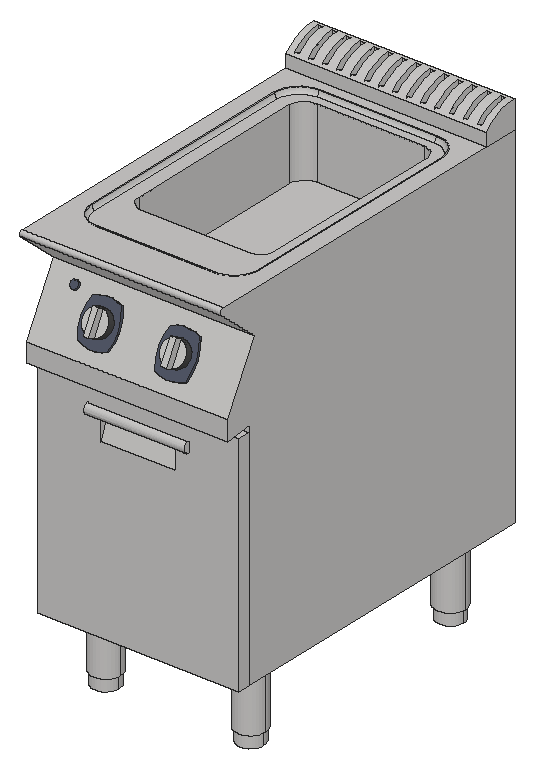
Revit family "QF_ELECTROLUXPROFESSIONAL_371441_E7OOBTBAMCI", category Attrezzature speciali, Revit 2018
Family settings
  Quota connettore circolare = Usa diametro
  Tipo di parte = Normale
  Basato su piano di lavoro = No
  Sempre verticale = Sì
  Taglio con vuoti quando caricato = No
  Condiviso = No
  Punto di calcolo locali = No
Parameters (values of type "Standard")
  Weight = 50.00 kg
  Watts = 0 W
  Volts = 0 V
  URL Manufacturer = "https://www.electroluxprofessional.com/"
  URL = "https://www.electroluxprofessional.com/"
  Steam Supply Size = 0"
  Steam Supply Minimum Pressure = 0.00 psi
  Steam Supply Maximum Pressure = 0.00 psi
  Steam Consumption per Hour = 0
  Show Logo [instance] = yes
  Show Clearance [instance] = yes
  Refrigeration Suction Line Size = 0 mm
  Refrigeration Liquid Line Size = 0 mm
  Refrigerant Compressor Remote = yes
  Phase = 0
  Modello = "E7OOBTBAMCI"
  Produttore = "Electrolux Professional"
  Length Actual = 400 mm  # constant formula
  Item Number = "371441"
  Hot Water Size = 0"
  Height Actual = 850 mm  # constant formula
  HP = "0 HP"
  Gas Size = 1/2"
  Gas KW = 11.5
  Gas Input Pressure = 0.336018 Btu/h
  Direct Waste Size = 1"
  Descrizione = "1-WELL GAS PASTA COOKER 24,5 LT 400MM - QMARK"
  Depth Actual = 730 mm  # constant formula
  Cycle = 0 Hz
  Condensate Return Size = 0"
  Compressed Air Volume = 0 GPM
  Compressed Air Size = 0"
  Compressed Air Pressure = 0.00 psi
  Cold Water Size = 1/2"
  Base Height [instance] = 150 mm  # constant formula
  Accessory = yes
Types (2, lengths in mm): name | URL | Modello | Produttore | Gas Size | Direct Waste Size | Descrizione | Cold Water Size
  (no name) | "www.electrolux.com/foodservice" | "371090" | "ELECTROLUX" | 0" | 0" | "700XP Freestanding Gas Pasta Cooker 24.5 Lt. Well, 1 Well" | 0"
  Standard | "https://www.electroluxprofessional.com/" | "E7OOBTBAMCI" | "Electrolux Professional" | 1/2" | 1" | "1-WELL GAS PASTA COOKER 24,5 LT 400MM - QMARK" | 1/2"
Values of the unnamed type that differ from the named types
  Weight = 0.00 kg
  URL Manufacturer = ""
  Item Number = ""
  HP = ""
  Gas KW = 0
  Gas Input Pressure = 0.0 Btu/h
Reference planes
  plane 1 "BACK": y = 0
  plane 2: z = 0
  plane 3 "LEFT": x = 0
  plane 4 "RIGHT": x = 400
  plane 5 "FRONT": y = -730
  plane 6 "TOP": z = 905.238
  plane 7 "Center Y": x = 200
  plane 8 "Center X": y = -365
  plane 9 "BASE": z = 601
  plane 10 "TOP A": z = 851
  plane 11: y = -587.387
  plane 12: y = -90
  plane 13: z = 150
Forms (mm)
  Extrusion 1, solid, material "QF_Finishes_Stainless Steel"
    sketch origin (0, 0, 0) x (0, 1, 0) y (0, 0, 1)
      loop
        line (0, 851) -> (-725.027, 851)
        arc (-725.027, 851) -> (-730.893, 847.08) -> (-729.517, 840.16) r 6.35
        line (-729.517, 840.16) -> (-646.919, 767.809) -> (-713.522, 646.19) -> (-713.522, 608.09) -> (-660.15, 613.7) -> (-660.15, 150) -> (0, 150) -> (0, 851)
      loop
        line (-687.137, 601) -> (-687.137, 150) -> (-661.737, 150) -> (-661.737, 601) -> (-687.137, 601)
    from 0 to 400
  Extrusion 2, void
    sketch origin (0, 0, 851) x (-1, 0, 0) y (0, -1, 0)
      loop
        arc (-83.338, 90.124) -> (-47.982, 104.769) -> (-33.338, 140.124) r 50
        line (-33.338, 140.124) -> (-33.338, 595.265)
        arc (-33.338, 595.265) -> (-47.982, 630.62) -> (-83.338, 645.265) r 50
        line (-83.338, 645.265) -> (-316.662, 645.265)
        arc (-316.662, 645.265) -> (-352.018, 630.62) -> (-366.662, 595.265) r 50
        line (-366.662, 595.265) -> (-366.662, 140.124)
        arc (-366.662, 140.124) -> (-352.018, 104.769) -> (-316.662, 90.124) r 50
        line (-316.662, 90.124) -> (-83.338, 90.124)
    from 0 to -152.4
  Extrusion 3, solid, material "QF_Finishes_Clearance", visible <- "Show Clearance", detail levels coarse
    sketch origin (0, 0, 0) x (1, 0, 0) y (0, 1, 0)
      loop
        line (0, -731.377) -> (0, 0) -> (400, 0) -> (400, -731.377) -> (550.019, -731.377) -> (550.019, 150.019) -> (-150.019, 150.019) -> (-150.019, -731.377) -> (0, -731.377)
    from 0 to 905.237
  Revolve 4, solid, material "QF_Finishes_Stainless Steel"
    sketch origin (0, -587.387, 608.09) x (0, 0, 1) y (-1, 0, 0)
      loop
        line (-608.09, -56) -> (-458.09, -56) -> (-458.09, -26) -> (-583.09, -26) -> (-583.09, -29.75) -> (-608.09, -29.75) -> (-608.09, -56)
      axis (-608.09, -56) -> (-458.09, -56)
    angle from 0 to 360
  Revolve 5, solid, material "QF_Finishes_Stainless Steel"
    sketch origin (400.05, -587.387, 608.09) x (0, 0, 1) y (-1, 0, 0)
      loop
        line (-608.09, 56.05) -> (-608.09, 29.8) -> (-583.09, 29.8) -> (-583.09, 26.05) -> (-458.09, 26.05) -> (-458.09, 56.05) -> (-608.09, 56.05)
      axis (-608.09, 56.05) -> (-458.09, 56.05)
    angle from 0 to 360
  Revolve 6, solid, material "QF_Finishes_Stainless Steel"
    sketch origin (0, -90, 608.09) x (0, 0, 1) y (-1, 0, 0)
      loop
        line (-608.09, -56) -> (-458.09, -56) -> (-458.09, -26) -> (-583.09, -26) -> (-583.09, -29.75) -> (-608.09, -29.75) -> (-608.09, -56)
      axis (-608.09, -56) -> (-458.09, -56)
    angle from 0 to 360
  Revolve 7, solid, material "QF_Finishes_Stainless Steel"
    sketch origin (400.05, -90, 608.09) x (0, 0, 1) y (-1, 0, 0)
      loop
        line (-608.09, 56.05) -> (-608.09, 29.8) -> (-583.09, 29.8) -> (-583.09, 26.05) -> (-458.09, 26.05) -> (-458.09, 56.05) -> (-608.09, 56.05)
      axis (-608.09, 56.05) -> (-458.09, 56.05)
    angle from 0 to 360
  Extrusion 8, void
    sketch origin (200, 0, 0) x (0, 1, 0) y (0, 0, 1)
      loop
        line (-687.137, 541) -> (-687.137, 499.788) -> (-672.137, 541) -> (-687.137, 541)
    from -75 to 75
  Extrusion 9, solid, material "QF_Finishes_Stainless Steel"
    sketch origin (200, 0, 0) x (0, 1, 0) y (0, 0, 1)
      loop
        line (-687.137, 541) -> (-687.137, 561)
        arc (-687.137, 561) -> (-697.137, 551) -> (-687.137, 541) r 10
    from -100 to 100
  Extrusion 10, solid, material "QF_Finishes_Door Clearance", visible <- "Show Clearance", detail levels coarse
    sketch origin (0, 0, 851) x (-1, 0, 0) y (0, -1, 0)
      loop
        arc (0, 687.137) -> (-117.157, 969.98) -> (-400, 1087.137) r 400
        line (-400, 1087.137) -> (-400, 687.137) -> (0, 687.137)
    from -700.237 to -249.237
  Extrusion 11, solid, material "QF_Finishes_Stainless Steel"
    sketch origin (-77.88, -4572, 150) x (-1, 0, 0) y (0, -1, 0)
      loop
        circle (-142.88, -4069) r 6.35
      loop
        circle (-309.855, -3991) r 12.7
    from 0 to -12.7
  Extrusion 12, solid, material "QF_Finishes_Stainless Steel"
    sketch origin (-77.88, -4572, 851) x (-1, 0, 0) y (0, -1, 0)
      loop
        line (-111.217, -4431.876) -> (-111.217, -3976.735)
        arc (-111.217, -3976.735) -> (-125.862, -3941.38) -> (-161.217, -3926.735) r 50
        line (-161.217, -3926.735) -> (-394.542, -3926.735)
        arc (-394.542, -3926.735) -> (-429.897, -3941.38) -> (-444.542, -3976.735) r 50
        line (-444.542, -3976.735) -> (-444.542, -4431.876)
        arc (-444.542, -4431.876) -> (-429.897, -4467.231) -> (-394.542, -4481.876) r 50
        line (-394.542, -4481.876) -> (-161.217, -4481.876)
        arc (-161.217, -4481.876) -> (-125.862, -4467.231) -> (-111.217, -4431.876) r 50
      loop
        arc (-414.542, -4431.876) -> (-405.755, -4453.089) -> (-384.542, -4461.876) r 30
        line (-384.542, -4461.876) -> (-171.217, -4461.876)
        arc (-171.217, -4461.876) -> (-150.004, -4453.089) -> (-141.217, -4431.876) r 30
        line (-141.217, -4431.876) -> (-141.217, -4056.735)
        arc (-141.217, -4056.735) -> (-150.004, -4035.522) -> (-171.217, -4026.735) r 30
        line (-171.217, -4026.735) -> (-384.542, -4026.735)
        arc (-384.542, -4026.735) -> (-405.755, -4035.522) -> (-414.542, -4056.735) r 30
        line (-414.542, -4056.735) -> (-414.542, -4431.876)
    from -12.7 to -152.4
  Sweep 13, solid, material "QF_Finishes_Stainless Steel"
    path origin (0, 0, 851) x (-1, 0, 0) y (0, -1, 0)
      loop
        line (-33.338, 140.124) -> (-33.338, 595.265)
        arc (-33.338, 595.265) -> (-47.982, 630.62) -> (-83.338, 645.265) r 50
        line (-83.338, 645.265) -> (-316.662, 645.265)
        arc (-316.662, 645.265) -> (-352.018, 630.62) -> (-366.662, 595.265) r 50
        line (-366.662, 595.265) -> (-366.662, 140.124)
        arc (-366.662, 140.124) -> (-352.018, 104.769) -> (-316.662, 90.124) r 50
        line (-316.662, 90.124) -> (-83.338, 90.124)
        arc (-83.338, 90.124) -> (-47.982, 104.769) -> (-33.338, 140.124) r 50
    profile origin (33.338, -367.694, 851) x (1, 0, 0) y (0, 0, 1)
      loop
        line (0, 0) -> (0, -10.84) -> (5.055, -10.84)
        arc (5.055, -10.84) -> (1.326, -5.98) -> (0, 0) r 14.151
  Extrusion 14, solid, material "QF_Finishes_Stainless Steel"
    sketch origin (0, 0, 0.762) x (0, 1, 0) y (0, 0, 1)
      loop
        line (0, 850.238) -> (0, 905.237)
        arc (0, 905.237) -> (-38.078, 897.879) -> (-69.85, 875.637) r 93.057
        line (-69.85, 875.637) -> (-69.85, 850.238) -> (0, 850.238)
    from 0 to 400.05
  Extrusion 15, void
    sketch origin (0, 0, 851) x (-1, 0, 0) y (0, -1, 0)
      loop
        line (-13.453, 6.761) -> (-13.453, 63.911) -> (-22.749, 63.911) -> (-22.749, 6.761) -> (-13.453, 6.761)
    from 25.4 to 63.5
  Extrusion 16, void
    sketch origin (400.05, 0, 851) x (1, 0, 0) y (0, 1, 0)
      loop
        line (-13.503, -6.761) -> (-22.799, -6.761) -> (-22.799, -63.911) -> (-13.503, -63.911) -> (-13.503, -6.761)
    from 25.4 to 63.5
  Extrusion 17, void
    sketch origin (27.988, 0, 851) x (-1, 0, 0) y (0, -1, 0)
      loop
        line (-13.453, 6.761) -> (-13.453, 63.911) -> (-22.749, 63.911) -> (-22.749, 6.761) -> (-13.453, 6.761)
    from 25.4 to 63.5
  Extrusion 18, void
    sketch origin (55.977, 0, 851) x (-1, 0, 0) y (0, -1, 0)
      loop
        line (-13.453, 6.761) -> (-13.453, 63.911) -> (-22.749, 63.911) -> (-22.749, 6.761) -> (-13.453, 6.761)
    from 25.4 to 63.5
  Extrusion 19, void
    sketch origin (83.965, 0, 851) x (-1, 0, 0) y (0, -1, 0)
      loop
        line (-13.428, 6.761) -> (-13.428, 63.911) -> (-22.724, 63.911) -> (-22.724, 6.761) -> (-13.428, 6.761)
    from 25.4 to 63.5
  Extrusion 20, void
    sketch origin (111.953, 0, 851) x (-1, 0, 0) y (0, -1, 0)
      loop
        line (-13.428, 6.761) -> (-13.428, 63.911) -> (-22.724, 63.911) -> (-22.724, 6.761) -> (-13.428, 6.761)
    from 25.4 to 63.5
  Extrusion 21, void
    sketch origin (139.942, 0, 851) x (-1, 0, 0) y (0, -1, 0)
      loop
        line (-13.428, 6.761) -> (-13.428, 63.911) -> (-22.724, 63.911) -> (-22.724, 6.761) -> (-13.428, 6.761)
    from 25.4 to 63.5
  Extrusion 22, void
    sketch origin (167.93, 0, 851) x (-1, 0, 0) y (0, -1, 0)
      loop
        line (-13.428, 6.761) -> (-13.428, 63.911) -> (-22.724, 63.911) -> (-22.724, 6.761) -> (-13.428, 6.761)
    from 25.4 to 63.5
  Extrusion 23, void
    sketch origin (195.918, 0, 851) x (-1, 0, 0) y (0, -1, 0)
      loop
        line (-13.428, 6.761) -> (-13.428, 63.911) -> (-22.724, 63.911) -> (-22.724, 6.761) -> (-13.428, 6.761)
    from 25.4 to 63.5
  Extrusion 24, void
    sketch origin (223.907, 0, 851) x (-1, 0, 0) y (0, -1, 0)
      loop
        line (-13.428, 6.761) -> (-13.428, 63.911) -> (-22.724, 63.911) -> (-22.724, 6.761) -> (-13.428, 6.761)
    from 25.4 to 63.5
  Extrusion 25, void
    sketch origin (251.895, 0, 851) x (-1, 0, 0) y (0, -1, 0)
      loop
        line (-13.428, 6.761) -> (-13.428, 63.911) -> (-22.724, 63.911) -> (-22.724, 6.761) -> (-13.428, 6.761)
    from 25.4 to 63.5
  Extrusion 26, void
    sketch origin (279.884, 0, 851) x (-1, 0, 0) y (0, -1, 0)
      loop
        line (-13.403, 6.761) -> (-13.403, 63.911) -> (-22.699, 63.911) -> (-22.699, 6.761) -> (-13.403, 6.761)
    from 25.4 to 63.5
  Extrusion 27, void
    sketch origin (307.872, 0, 851) x (-1, 0, 0) y (0, -1, 0)
      loop
        line (-13.403, 6.761) -> (-13.403, 63.911) -> (-22.699, 63.911) -> (-22.699, 6.761) -> (-13.403, 6.761)
    from 25.4 to 63.5
  Extrusion 28, void
    sketch origin (335.86, 0, 851) x (-1, 0, 0) y (0, -1, 0)
      loop
        line (-13.403, 6.761) -> (-13.403, 63.911) -> (-22.699, 63.911) -> (-22.699, 6.761) -> (-13.403, 6.761)
    from 25.4 to 63.5
  Extrusion 29, solid, material "QF_Finishes_Navy Blue"
    sketch origin (114.675, -713.772, 646.19) x (0, 0.484042, 0.875045) y (-1, 0, 0)
      loop
        arc (105.947, -132.642) -> (68.865, -123.661) -> (31.333, -130.523) r 91.844
        arc (31.333, -130.523) -> (24.206, -161.165) -> (31.333, -191.808) r 69.441
        arc (31.333, -191.808) -> (68.854, -198.519) -> (105.947, -189.74) r 93.759
        arc (105.947, -189.74) -> (112.176, -161.191) -> (105.947, -132.642) r 68.543
    from 0 to 3.175
  Extrusion 30, solid, material "QF_Finishes_Stainless Steel"
    sketch origin (114.675, -716.55, 647.727) x (0, 0.484042, 0.875045) y (-1, 0, 0)
      loop
        circle (68.826, -160.963) r 25.4
    from 0 to 12.7
  Extrusion 31, solid, material "QF_Finishes_Stainless Steel"
    sketch origin (114.675, -727.663, 653.875) x (0, 0.484042, 0.875045) y (-1, 0, 0)
      loop
        arc (93.558, -166.749) -> (94.226, -160.963) -> (93.558, -155.177) r 25.4
        line (93.558, -155.177) -> (44.094, -155.177)
        arc (44.094, -155.177) -> (43.426, -160.963) -> (44.094, -166.749) r 25.4
        line (44.094, -166.749) -> (93.558, -166.749)
    from 0 to 12.7
  Extrusion 32, solid, material "QF_Finishes_Navy Blue"
    sketch origin (-40.325, -713.772, 646.19) x (0, 0.484042, 0.875045) y (-1, 0, 0)
      loop
        arc (105.947, -132.642) -> (68.865, -123.661) -> (31.333, -130.523) r 91.844
        arc (31.333, -130.523) -> (24.206, -161.165) -> (31.333, -191.808) r 69.441
        arc (31.333, -191.808) -> (68.854, -198.519) -> (105.947, -189.74) r 93.759
        arc (105.947, -189.74) -> (112.176, -161.191) -> (105.947, -132.642) r 68.543
      loop
        circle (110.564, -93.816) r 8
    from 0 to 3.175
  Extrusion 33, solid, material "QF_Finishes_Stainless Steel"
    sketch origin (-40.325, -716.55, 647.727) x (0, 0.484042, 0.875045) y (-1, 0, 0)
      loop
        circle (68.826, -160.963) r 25.4
    from 0 to 12.7
  Extrusion 34, solid, material "QF_Finishes_Stainless Steel"
    sketch origin (-40.325, -727.663, 653.875) x (0, 0.484042, 0.875045) y (-1, 0, 0)
      loop
        arc (93.558, -166.749) -> (94.226, -160.963) -> (93.558, -155.177) r 25.4
        line (93.558, -155.177) -> (44.094, -155.177)
        arc (44.094, -155.177) -> (43.426, -160.963) -> (44.094, -166.749) r 25.4
        line (44.094, -166.749) -> (93.558, -166.749)
    from 0 to 12.7
  Extrusion 35, solid, material "QF_Finishes_Stainless Steel"
    sketch origin (-77.88, -4572, 150) x (-1, 0, 0) y (0, -1, 0)
      loop
        circle (-412.88, -4071) r 6.35
    from 50 to 48.4
Cuts and joins
  Extrusion 2, Extrusion 8 cuts Extrusion 1
  Extrusion 8, Extrusion 15, Extrusion 16, Extrusion 17, Extrusion 18, Extrusion 19, Extrusion 20, Extrusion 21, Extrusion 22, Extrusion 23, Extrusion 24, Extrusion 25, Extrusion 26, Extrusion 27, Extrusion 28 cuts Extrusion 3
  Extrusion 15, Extrusion 16, Extrusion 17, Extrusion 18, Extrusion 19, Extrusion 20, Extrusion 21, Extrusion 22, Extrusion 23, Extrusion 24, Extrusion 25, Extrusion 26, Extrusion 27, Extrusion 28 cuts Extrusion 14
Lines and regions (mm)
  symbolic lines, style "QF-Clearances", visible <- "Show Clearance", detail levels coarse
    curve 1: line (-150.019, 150.019, 851) -> (-150.019, -731.377, 851)
    curve 2: line (550.019, 150.019, 851) -> (-150.019, 150.019, 851)
    curve 3: line (550.019, -731.377, 851) -> (550.019, 150.019, 851)
  symbolic lines
    curve 4: line (0, 0, 851) -> (400, 0, 851)
    curve 5: line (0, -730, 851) -> (0, 0, 851)
    curve 6: line (400, 0, 851) -> (400, -730, 851)
    curve 7: line (0, -69.85, 851) -> (0, -63.012, 851)
    curve 8: line (400, -730, 851) -> (0, -730, 851)
    curve 11: line (93.313, -110.124, 851) -> (306.663, -110.124, 851)
    curve 12: arc (306.663, -110.124, 851) -> (327.876, -118.911, 851) -> (336.663, -140.124, 851) r 30
    curve 13: line (336.663, -140.124, 851) -> (336.663, -515.265, 851)
    curve 14: arc (336.663, -515.265, 851) -> (327.876, -536.478, 851) -> (306.663, -545.265, 851) r 30
    curve 15: arc (93.338, -545.265, 851) -> (72.124, -536.478, 851) -> (63.338, -515.265, 851) r 30
    curve 16: line (63.338, -515.265, 851) -> (63.338, -140.099, 851)
    curve 17: arc (63.338, -140.099, 851) -> (72.117, -118.904, 851) -> (93.313, -110.124, 851) r 29.975
    curve 18: arc (83.313, -95.179, 851) -> (51.549, -108.336, 851) -> (38.392, -140.099, 851) r 44.92
    curve 19: line (38.392, -140.099, 851) -> (38.392, -595.265, 851)
    curve 20: arc (38.392, -595.265, 851) -> (51.556, -627.046, 851) -> (83.338, -640.21, 851) r 44.945
    curve 21: arc (316.663, -640.21, 851) -> (348.444, -627.046, 851) -> (361.608, -595.265, 851) r 44.945
    curve 22: line (361.608, -595.265, 851) -> (361.608, -140.124, 851)
    curve 23: arc (361.608, -140.124, 851) -> (348.444, -108.343, 851) -> (316.663, -95.179, 851) r 44.945
    curve 24: arc (83.313, -90.124, 851) -> (47.975, -104.761, 851) -> (33.338, -140.099, 851) r 49.975
    curve 25: line (33.338, -140.099, 851) -> (33.338, -595.265, 851)
    curve 26: arc (33.338, -595.265, 851) -> (47.982, -630.62, 851) -> (83.338, -645.265, 851) r 50
    curve 27: arc (316.663, -645.265, 851) -> (352.018, -630.62, 851) -> (366.663, -595.265, 851) r 50
    curve 28: line (366.663, -595.265, 851) -> (366.663, -140.124, 851)
    curve 29: arc (366.663, -140.124, 851) -> (352.018, -104.769, 851) -> (316.663, -90.124, 851) r 50
    curve 30: line (316.663, -90.124, 851) -> (79.418, -90.124, 851)
    curve 31: line (83.338, -645.265, 851) -> (316.663, -645.265, 851)
    curve 32: line (83.338, -640.21, 851) -> (316.663, -640.21, 851)
    curve 33: line (306.663, -545.265, 851) -> (93.338, -545.265, 851)
    curve 34: line (316.663, -95.179, 851) -> (83.313, -95.179, 851)
    curve 35: line (0, -69.85, 851) -> (400, -69.85, 851)
    curve 36: line (22.724, -6.761, 851) -> (22.724, -63.911, 851)
    curve 37: line (22.724, -63.911, 851) -> (13.428, -63.911, 851)
    curve 38: line (13.428, -63.911, 851) -> (13.428, -6.761, 851)
    curve 39: line (13.428, -6.761, 851) -> (22.724, -6.761, 851)
    curve 40: line (386.547, -6.761, 851) -> (386.547, -63.911, 851)
    curve 41: line (386.547, -63.911, 851) -> (377.251, -63.911, 851)
    curve 42: line (377.251, -63.911, 851) -> (377.251, -6.761, 851)
    curve 43: line (377.251, -6.761, 851) -> (386.547, -6.761, 851)
    curve 44: line (50.712, -6.761, 851) -> (50.712, -63.911, 851)
    curve 45: line (50.712, -63.911, 851) -> (41.416, -63.911, 851)
    curve 46: line (41.416, -63.911, 851) -> (41.416, -6.761, 851)
    curve 47: line (41.416, -6.761, 851) -> (50.712, -6.761, 851)
    curve 48: line (78.7, -6.761, 851) -> (78.7, -63.911, 851)
    curve 49: line (78.7, -63.911, 851) -> (69.405, -63.911, 851)
    curve 50: line (69.405, -63.911, 851) -> (69.405, -6.761, 851)
    curve 51: line (69.405, -6.761, 851) -> (78.7, -6.761, 851)
    curve 52: line (106.689, -6.761, 851) -> (106.689, -63.911, 851)
    curve 53: line (106.689, -63.911, 851) -> (97.393, -63.911, 851)
    curve 54: line (97.393, -63.911, 851) -> (97.393, -6.761, 851)
    curve 55: line (97.393, -6.761, 851) -> (106.689, -6.761, 851)
    curve 56: line (134.677, -6.761, 851) -> (134.677, -63.911, 851)
    curve 57: line (134.677, -63.911, 851) -> (125.381, -63.911, 851)
    curve 58: line (125.381, -63.911, 851) -> (125.381, -6.761, 851)
    curve 59: line (125.381, -6.761, 851) -> (134.677, -6.761, 851)
    curve 60: line (162.665, -6.761, 851) -> (162.665, -63.911, 851)
    curve 61: line (162.665, -63.911, 851) -> (153.37, -63.911, 851)
    curve 62: line (153.37, -63.911, 851) -> (153.37, -6.761, 851)
    curve 63: line (153.37, -6.761, 851) -> (162.665, -6.761, 851)
    curve 64: line (190.654, -6.761, 851) -> (190.654, -63.911, 851)
    curve 65: line (190.654, -63.911, 851) -> (181.358, -63.911, 851)
    curve 66: line (181.358, -63.911, 851) -> (181.358, -6.761, 851)
    curve 67: line (181.358, -6.761, 851) -> (190.654, -6.761, 851)
    curve 68: line (218.642, -6.761, 851) -> (218.642, -63.911, 851)
    curve 69: line (218.642, -63.911, 851) -> (209.346, -63.911, 851)
    curve 70: line (209.346, -63.911, 851) -> (209.346, -6.761, 851)
    curve 71: line (209.346, -6.761, 851) -> (218.642, -6.761, 851)
    curve 72: line (246.605, -6.761, 851) -> (246.605, -63.911, 851)
    curve 73: line (246.605, -63.911, 851) -> (237.31, -63.911, 851)
    curve 74: line (237.31, -63.911, 851) -> (237.31, -6.761, 851)
    curve 75: line (237.31, -6.761, 851) -> (246.605, -6.761, 851)
    curve 76: line (274.594, -6.761, 851) -> (274.594, -63.911, 851)
    curve 77: line (274.594, -63.911, 851) -> (265.298, -63.911, 851)
    curve 78: line (265.298, -63.911, 851) -> (265.298, -6.761, 851)
    curve 79: line (265.298, -6.761, 851) -> (274.594, -6.761, 851)
    curve 80: line (302.582, -6.761, 851) -> (302.582, -63.911, 851)
    curve 81: line (302.582, -63.911, 851) -> (293.286, -63.911, 851)
    curve 82: line (293.286, -63.911, 851) -> (293.286, -6.761, 851)
    curve 83: line (293.286, -6.761, 851) -> (302.582, -6.761, 851)
    curve 84: line (330.57, -6.761, 851) -> (330.57, -63.911, 851)
    curve 85: line (330.57, -63.911, 851) -> (321.275, -63.911, 851)
    curve 86: line (321.275, -63.911, 851) -> (321.275, -6.761, 851)
    curve 87: line (321.275, -6.761, 851) -> (330.57, -6.761, 851)
    curve 88: line (358.559, -6.761, 851) -> (358.559, -63.911, 851)
    curve 89: line (358.559, -63.911, 851) -> (349.263, -63.911, 851)
    curve 90: line (349.263, -63.911, 851) -> (349.263, -6.761, 851)
    curve 91: line (349.263, -6.761, 851) -> (358.559, -6.761, 851)
  symbolic lines, style "QF-Door Swings"
    curve 9: arc (2.303, -730, 851) -> (19.743, -811.254, 851) -> (53.597, -887.15, 851) r 400
    curve 10: line (53.597, -887.15, 851) -> (325.76, -730, 851)
Dimensions and locks
  equal spacing: plane 3 "LEFT", plane 7 "Center Y", plane 4 "RIGHT"
  plane 3 "LEFT" to plane 4 "RIGHT" = 400 mm
  equal spacing: plane 5 "FRONT", plane 8 "Center X", plane 1 "BACK"
  plane 5 "FRONT" to plane 1 "BACK" = 730 mm
  plane 1 "BACK" to plane 5 "FRONT" = 730 mm
  locked: plane 10 "TOP A" to plane 9 "BASE" at 250
  "Base Height": plane 13 to level
  plane 10 "TOP A" to plane 13 = 701 mm
  Extrusion 11 sketch curve to plane 1 "BACK" = 503 mm
  plane 3 "LEFT" to Extrusion 11 sketch curve = 65 mm
  Extrusion 11 sketch curve to plane 1 "BACK" = 581 mm
  Extrusion 35 sketch curve to plane 1 "BACK" = 501 mm
  aligned and locked: level to plane 2
  aligned and locked: plane 4 "RIGHT" to Extrusion 1
  aligned and locked: plane 6 "TOP" to Extrusion 3
Automatic sketch dimensions
  Extrusion 1 sketch curve to plane 10 "TOP A" = 0 mm
  Extrusion 1 sketch curve to plane 13 = 0 mm  (x2)
  Extrusion 1 sketch curve to plane 9 "BASE" = 0 mm
  Extrusion 1 sketch curve to plane 1 "BACK" = 0 mm
  plane 11 to Extrusion 1 sketch curve = 59.531 mm
  plane 9 "BASE" to Extrusion 1 sketch curve = 12.7 mm
  Extrusion 1 sketch curve to plane 5 "FRONT" = 69.85 mm
  Extrusion 1 sketch curve to Extrusion 1 sketch curve = 1.588 mm
  Extrusion 1 sketch curve to Extrusion 1 sketch curve = 25.4 mm
  Extrusion 1 sketch curve to plane 5 "FRONT" = 16.478 mm
  Extrusion 1 sketch curve to plane 5 "FRONT" = 4.973 mm
  Extrusion 1 sketch curve to plane 5 "FRONT" = 0.483 mm
  plane 9 "BASE" to Extrusion 1 sketch curve = 7.09 mm
  Extrusion 1 sketch curve to Extrusion 1 sketch curve = 38.1 mm
  Extrusion 1 sketch curve to plane 10 "TOP A" = 83.191 mm
  Extrusion 1 sketch curve to plane 10 "TOP A" = 10.84 mm
  plane 11 to Extrusion 2 sketch curve = 7.877 mm
  Extrusion 2 sketch curve to plane 4 "RIGHT" = 33.337 mm
  plane 11 to Extrusion 2 sketch curve = 57.877 mm
  plane 12 to Extrusion 2 sketch curve = 0.124 mm
  Extrusion 2 sketch curve to Extrusion 2 sketch curve = 50 mm
  plane 3 "LEFT" to Extrusion 2 sketch curve = 83.338 mm  (x2)
  plane 3 "LEFT" to Extrusion 2 sketch curve = 33.338 mm
  plane 1 "BACK" to Extrusion 3 sketch curve = 0 mm
  Extrusion 3 sketch curve to plane 3 "LEFT" = 0 mm
  Extrusion 3 sketch curve to plane 4 "RIGHT" = 0 mm
  Extrusion 3 sketch curve to plane 3 "LEFT" = 150.019 mm
  plane 5 "FRONT" to Extrusion 3 sketch curve = 1.377 mm  (x2)
  plane 4 "RIGHT" to Extrusion 3 sketch curve = 150.019 mm
  Extrusion 3 sketch curve to plane 1 "BACK" = 150.019 mm
  curve 18 to curve 24 = 0 mm  (x2)
  curve 20 to curve 26 = 0 mm  (x2)
  curve 21 to curve 27 = 0 mm  (x2)
  curve 23 to curve 29 = 0 mm  (x2)
  curve 6 to plane 4 "RIGHT" = 0 mm
  curve 9 to plane 4 "RIGHT" = 0 mm
  plane 5 "FRONT" to curve 10 = 0 mm
  curve 35 to plane 3 "LEFT" = 0 mm
  curve 7 to plane 3 "LEFT" = 0 mm
  plane 1 "BACK" to curve 5 = 0 mm
  plane 4 "RIGHT" to curve 3 = 150.019 mm
  curve 40 to plane 4 "RIGHT" = 13.453 mm
  curve 40 to curve 43 = 9.296 mm
  plane 11 to curve 27 = 7.877 mm
  curve 27 to plane 4 "RIGHT" = 33.337 mm
  curve 29 to curve 23 = 5.055 mm
  curve 41 to curve 88 = 18.693 mm
  curve 88 to curve 90 = 9.296 mm
  curve 22 to curve 12 = 24.945 mm
  curve 89 to curve 85 = 18.693 mm
  curve 10 to plane 4 "RIGHT" = 74.24 mm
  curve 84 to curve 87 = 9.296 mm
  plane 11 to curve 27 = 57.877 mm
  curve 12 to curve 29 = 20 mm
  curve 23 to curve 12 = 10 mm
  curve 14 to curve 14 = 30 mm
  curve 85 to curve 81 = 18.693 mm
  curve 80 to curve 82 = 9.296 mm
  curve 81 to curve 77 = 18.693 mm
  curve 76 to curve 77 = 9.296 mm
  plane 1 "BACK" to curve 72 = 6.761 mm
  curve 78 to curve 72 = 18.693 mm
  curve 72 to curve 74 = 9.296 mm
  plane 1 "BACK" to curve 71 = 6.761 mm
  plane 7 "Center Y" to curve 71 = 18.642 mm
  curve 68 to curve 70 = 9.296 mm
  curve 65 to plane 7 "Center Y" = 9.346 mm
  curve 64 to curve 67 = 9.296 mm
  curve 65 to curve 60 = 18.693 mm
  curve 60 to curve 62 = 9.296 mm
  plane 1 "BACK" to curve 59 = 6.761 mm
  curve 62 to curve 59 = 18.693 mm
  curve 56 to curve 59 = 9.296 mm
  plane 1 "BACK" to curve 52 = 6.761 mm
  curve 58 to curve 52 = 18.693 mm
  curve 52 to curve 54 = 9.296 mm
  curve 33 to plane 11 = 42.123 mm
  plane 3 "LEFT" to curve 33 = 93.338 mm
  plane 12 to curve 11 = 20.124 mm
  curve 53 to curve 11 = 4.08 mm
  curve 17 to curve 24 = 10 mm
  plane 3 "LEFT" to curve 32 = 83.338 mm
  plane 12 to curve 30 = 0.124 mm
  curve 24 to curve 30 = 3.895 mm
  plane 1 "BACK" to curve 51 = 6.761 mm
  curve 54 to curve 51 = 18.693 mm
  curve 48 to curve 49 = 9.296 mm
  curve 15 to curve 15 = 30 mm
  plane 3 "LEFT" to curve 9 = 53.597 mm
  plane 1 "BACK" to curve 44 = 6.761 mm
  curve 50 to curve 44 = 18.693 mm
  curve 44 to curve 46 = 9.296 mm
  curve 17 to curve 19 = 24.945 mm
  plane 1 "BACK" to curve 36 = 6.761 mm
  curve 46 to curve 36 = 18.693 mm
  curve 36 to curve 38 = 9.296 mm
  curve 9 to curve 5 = 2.303 mm
  plane 5 "FRONT" to curve 1 = 1.377 mm
  curve 1 to plane 3 "LEFT" = 150.019 mm
  curve 2 to plane 1 "BACK" = 150.019 mm
  plane 1 "BACK" to curve 88 = 6.761 mm
  plane 1 "BACK" to curve 87 = 6.761 mm
  plane 1 "BACK" to curve 83 = 6.761 mm
  plane 1 "BACK" to curve 79 = 6.761 mm
  plane 1 "BACK" to curve 67 = 6.761 mm
  plane 1 "BACK" to curve 63 = 6.761 mm
  plane 1 "BACK" to curve 43 = 6.761 mm
  curve 7 to plane 12 = 26.988 mm
  curve 89 to plane 12 = 26.089 mm
  curve 61 to plane 12 = 26.089 mm
  curve 58 to plane 12 = 26.089 mm
  curve 86 to plane 12 = 26.089 mm
  curve 82 to plane 12 = 26.089 mm
  curve 64 to plane 12 = 26.089 mm
  curve 7 to curve 36 = 0.898 mm
  curve 78 to plane 12 = 26.089 mm
  curve 40 to plane 12 = 26.089 mm
  curve 74 to plane 12 = 26.089 mm
  curve 44 to plane 12 = 26.089 mm
  curve 64 to curve 70 = 0 mm
  curve 48 to plane 12 = 26.089 mm
  curve 52 to curve 57 = 0 mm
  curve 40 to curve 35 = 5.939 mm
  curve 7 to curve 35 = 0 mm
  curve 9 to plane 5 "FRONT" = 42.863 mm
  plane 5 "FRONT" to curve 3 = 1.377 mm
  Revolve 4 sketch curve to level = 0 mm
  Revolve 4 sketch curve to plane 13 = 0 mm  (x2)
  level to Revolve 4 sketch curve = 25 mm
  Revolve 4 sketch curve to Revolve 4 sketch curve = 20 mm
  plane 3 "LEFT" to Revolve 4 sketch curve = 56 mm
  Revolve 4 sketch curve to Revolve 4 sketch curve = 0 mm
  plane 3 "LEFT" to Revolve 4 sketch curve = 29.75 mm
  plane 3 "LEFT" to Revolve 4 sketch curve = 26 mm
  Revolve 5 sketch curve to level = 0 mm
  Revolve 5 sketch curve to plane 13 = 0 mm  (x2)
  level to Revolve 5 sketch curve = 25 mm
  Revolve 5 sketch curve to Revolve 5 sketch curve = 20 mm
  Revolve 5 sketch curve to plane 4 "RIGHT" = 26 mm
  Revolve 5 sketch curve to Revolve 5 sketch curve = 3.75 mm
  Revolve 5 sketch curve to Revolve 5 sketch curve = 30 mm
  Revolve 5 sketch curve to Revolve 5 sketch curve = 0 mm
  Revolve 6 sketch curve to level = 0 mm
  Revolve 6 sketch curve to plane 13 = 0 mm  (x2)
  level to Revolve 6 sketch curve = 25 mm
  Revolve 6 sketch curve to Revolve 6 sketch curve = 20 mm
  plane 3 "LEFT" to Revolve 6 sketch curve = 56 mm
  Revolve 6 sketch curve to Revolve 6 sketch curve = 0 mm
  plane 3 "LEFT" to Revolve 6 sketch curve = 29.75 mm
  plane 3 "LEFT" to Revolve 6 sketch curve = 26 mm
  Revolve 7 sketch curve to level = 0 mm
  Revolve 7 sketch curve to plane 13 = 0 mm  (x2)
  level to Revolve 7 sketch curve = 25 mm
  Revolve 7 sketch curve to Revolve 7 sketch curve = 20 mm
  Revolve 7 sketch curve to plane 4 "RIGHT" = 26 mm
  Revolve 7 sketch curve to Revolve 7 sketch curve = 3.75 mm
  Revolve 7 sketch curve to Revolve 7 sketch curve = 30 mm
  Revolve 7 sketch curve to Revolve 7 sketch curve = 0 mm
  Extrusion 8 sketch curve to plane 5 "FRONT" = 42.863 mm
  Extrusion 8 sketch curve to Extrusion 8 sketch curve = 15 mm
  Extrusion 8 sketch curve to plane 9 "BASE" = 101.212 mm
  Extrusion 8 sketch curve to Extrusion 8 sketch curve = 41.212 mm
  Extrusion 9 sketch curve to plane 5 "FRONT" = 42.863 mm
  Extrusion 9 sketch curve to plane 9 "BASE" = 60 mm
  Extrusion 9 sketch curve to Extrusion 9 sketch curve = 10 mm
  Extrusion 10 sketch curve to plane 4 "RIGHT" = 0 mm
  Extrusion 10 sketch curve to plane 3 "LEFT" = 0 mm
  Extrusion 10 sketch curve to plane 5 "FRONT" = 42.863 mm
  Extrusion 12 sketch curve to plane 4 "RIGHT" = 33.337 mm
  Extrusion 12 sketch curve to plane 4 "RIGHT" = 63.337 mm
  Extrusion 12 sketch curve to Extrusion 12 sketch curve = 20 mm
  plane 11 to Extrusion 12 sketch curve = 7.877 mm
  Extrusion 12 sketch curve to Extrusion 12 sketch curve = 50 mm
  Extrusion 12 sketch curve to Extrusion 12 sketch curve = 30 mm  (x3)
  Extrusion 12 sketch curve to Extrusion 12 sketch curve = 10 mm  (x2)
  Extrusion 12 sketch curve to plane 11 = 42.123 mm
  plane 3 "LEFT" to Extrusion 12 sketch curve = 93.338 mm  (x2)
  plane 12 to Extrusion 12 sketch curve = 50.124 mm
  plane 3 "LEFT" to Extrusion 12 sketch curve = 83.338 mm
  plane 12 to Extrusion 12 sketch curve = 0.124 mm
  plane 11 to Sweep 13 sketch curve = 7.877 mm  (x2)
  Sweep 13 sketch curve to plane 4 "RIGHT" = 33.337 mm
  plane 11 to Sweep 13 sketch curve = 57.877 mm
  plane 12 to Sweep 13 sketch curve = 0.124 mm
  Sweep 13 sketch curve to Sweep 13 sketch curve = 50 mm  (x2)
  plane 3 "LEFT" to Sweep 13 sketch curve = 83.338 mm
  profile plane to Sweep 13 sketch curve = 0 mm
  Sweep 13 sketch curve to plane 10 "TOP A" = 0 mm
  Sweep 13 sketch curve to profile plane = 5.055 mm
  Sweep 13 sketch curve to profile plane = 14.151 mm
  Extrusion 14 sketch curve to plane 10 "TOP A" = 0 mm
  Extrusion 14 sketch curve to plane 1 "BACK" = 0 mm
  plane 1 "BACK" to Extrusion 14 sketch curve = 1.769 mm
  Extrusion 14 sketch curve to plane 12 = 20.15 mm
  Extrusion 14 sketch curve to plane 10 "TOP A" = 38.04 mm
  plane 10 "TOP A" to Extrusion 14 sketch curve = 25.4 mm
  plane 1 "BACK" to Extrusion 15 sketch curve = 6.761 mm
  plane 3 "LEFT" to Extrusion 15 sketch curve = 22.749 mm
  Extrusion 15 sketch curve to Extrusion 15 sketch curve = 9.296 mm
  Extrusion 15 sketch curve to plane 12 = 26.089 mm
  Extrusion 16 sketch curve to plane 1 "BACK" = 6.761 mm
  plane 4 "RIGHT" to Extrusion 16 sketch curve = 22.749 mm
  Extrusion 16 sketch curve to Extrusion 16 sketch curve = 9.296 mm
  plane 12 to Extrusion 16 sketch curve = 26.089 mm
  plane 1 "BACK" to Extrusion 17 sketch curve = 6.761 mm
  plane 3 "LEFT" to Extrusion 17 sketch curve = 50.737 mm
  Extrusion 17 sketch curve to Extrusion 17 sketch curve = 9.296 mm
  Extrusion 17 sketch curve to plane 12 = 26.089 mm
  plane 1 "BACK" to Extrusion 18 sketch curve = 6.761 mm
  plane 3 "LEFT" to Extrusion 18 sketch curve = 78.725 mm
  Extrusion 18 sketch curve to Extrusion 18 sketch curve = 9.296 mm
  Extrusion 18 sketch curve to plane 12 = 26.089 mm
  plane 1 "BACK" to Extrusion 19 sketch curve = 6.761 mm
  Extrusion 19 sketch curve to plane 7 "Center Y" = 93.311 mm
  Extrusion 19 sketch curve to Extrusion 19 sketch curve = 9.296 mm
  Extrusion 19 sketch curve to plane 12 = 26.089 mm
  plane 1 "BACK" to Extrusion 20 sketch curve = 6.761 mm
  Extrusion 20 sketch curve to plane 7 "Center Y" = 65.323 mm
  Extrusion 20 sketch curve to Extrusion 20 sketch curve = 9.296 mm
  Extrusion 20 sketch curve to plane 12 = 26.089 mm
  plane 1 "BACK" to Extrusion 21 sketch curve = 6.761 mm
  Extrusion 21 sketch curve to plane 7 "Center Y" = 37.335 mm
  Extrusion 21 sketch curve to Extrusion 21 sketch curve = 9.296 mm
  Extrusion 21 sketch curve to plane 12 = 26.089 mm
  Extrusion 22 sketch curve to plane 7 "Center Y" = 9.346 mm
  Extrusion 22 sketch curve to Extrusion 22 sketch curve = 9.296 mm
  plane 1 "BACK" to Extrusion 22 sketch curve = 6.761 mm
  Extrusion 22 sketch curve to plane 12 = 26.089 mm
  plane 1 "BACK" to Extrusion 23 sketch curve = 6.761 mm
  plane 7 "Center Y" to Extrusion 23 sketch curve = 18.642 mm
  Extrusion 23 sketch curve to Extrusion 23 sketch curve = 9.296 mm
  Extrusion 23 sketch curve to plane 12 = 26.089 mm
  plane 1 "BACK" to Extrusion 24 sketch curve = 6.761 mm
  plane 7 "Center Y" to Extrusion 24 sketch curve = 46.63 mm
  Extrusion 24 sketch curve to Extrusion 24 sketch curve = 9.296 mm
  Extrusion 24 sketch curve to plane 12 = 26.089 mm
  plane 1 "BACK" to Extrusion 25 sketch curve = 6.761 mm
  plane 7 "Center Y" to Extrusion 25 sketch curve = 74.619 mm
  Extrusion 25 sketch curve to Extrusion 25 sketch curve = 9.296 mm
  Extrusion 25 sketch curve to plane 12 = 26.089 mm
  plane 1 "BACK" to Extrusion 26 sketch curve = 6.761 mm
  Extrusion 26 sketch curve to plane 4 "RIGHT" = 97.418 mm
  Extrusion 26 sketch curve to Extrusion 26 sketch curve = 9.296 mm
  Extrusion 26 sketch curve to plane 12 = 26.089 mm
  plane 1 "BACK" to Extrusion 27 sketch curve = 6.761 mm
  Extrusion 27 sketch curve to plane 4 "RIGHT" = 69.43 mm
  Extrusion 27 sketch curve to Extrusion 27 sketch curve = 9.296 mm
  Extrusion 27 sketch curve to plane 12 = 26.089 mm
  plane 1 "BACK" to Extrusion 28 sketch curve = 6.761 mm
  Extrusion 28 sketch curve to plane 4 "RIGHT" = 41.441 mm
  Extrusion 28 sketch curve to Extrusion 28 sketch curve = 9.296 mm
  Extrusion 28 sketch curve to plane 12 = 26.089 mm
  plane 7 "Center Y" to Extrusion 29 sketch curve = 45.198 mm
  Extrusion 29 sketch curve to Extrusion 29 sketch curve = 0 mm
  Extrusion 29 sketch curve to Extrusion 29 sketch curve = 12.3 mm  (x3)
  Extrusion 29 sketch curve to Extrusion 29 sketch curve = 34.925 mm  (x2)
  plane 7 "Center Y" to Extrusion 29 sketch curve = 19.471 mm
  Extrusion 29 sketch curve to Extrusion 29 sketch curve = 50.015 mm
  Extrusion 29 sketch curve to Extrusion 29 sketch curve = 27.846 mm
  Extrusion 29 sketch curve to Extrusion 29 sketch curve = 28.523 mm
  Extrusion 31 sketch curve to Extrusion 31 sketch curve = 24.732 mm
  Extrusion 31 sketch curve to Extrusion 31 sketch curve = 0 mm
  Extrusion 34 sketch curve to Extrusion 34 sketch curve = 24.732 mm
  Extrusion 34 sketch curve to Extrusion 34 sketch curve = 0 mm
  Extrusion 32 sketch curve to plane 7 "Center Y" = 48.517 mm
  Extrusion 32 sketch curve to Extrusion 32 sketch curve = 0 mm
  Extrusion 32 sketch curve to Extrusion 32 sketch curve = 12.3 mm  (x3)
  Extrusion 32 sketch curve to Extrusion 32 sketch curve = 34.925 mm  (x2)
  Extrusion 32 sketch curve to plane 7 "Center Y" = 24.858 mm
  Extrusion 32 sketch curve to Extrusion 32 sketch curve = 50.015 mm
  Extrusion 32 sketch curve to Extrusion 32 sketch curve = 4.617 mm
  Extrusion 32 sketch curve to Extrusion 32 sketch curve = 25.727 mm
  Extrusion 32 sketch curve to Extrusion 32 sketch curve = 30.616 mm
  Extrusion 32 sketch curve to Extrusion 32 sketch curve = 38.826 mm
  plane 7 "Center Y" to Extrusion 11 sketch curve = 31.975 mm
  Extrusion 35 sketch curve to plane 4 "RIGHT" = 58.65 mm
  Extrusion 35 sketch curve to Extrusion 35 sketch curve = 6.35 mm
  radius of Extrusion 30 sketch curve = 25.4 mm
  radius of Extrusion 31 sketch curve to Extrusion 30 = 0 mm  (x2)
  radius of Extrusion 33 sketch curve = 25.4 mm
  radius of Extrusion 34 sketch curve to Extrusion 33 = 0 mm  (x2)
  radius of Extrusion 32 sketch curve = 8 mm
  radius of Extrusion 11 sketch curve = 6.35 mm
  radius of Extrusion 11 sketch curve = 12.7 mm
Connectors
  piping at (231.975, -581, 137.3), diameter 25.4, driven by "Direct Waste Size"
    settings: on Extrusion 11, index 2, connector inside diameter 1", connector length 0 mm, flow factor 0, pipe flow 0 GPM, pressure drop 0.00 psi, fitting loss kfactor 0, connector angle 0.00°, fixture units 0, engagement length 0 mm, angle of deflection 0.00°, flow configuration 1, flow direction 2, fitting loss method 0, system type 16, joint type 0, gender type 0, connector reference index -1, connector utility 0, adjustable connector no, is connector primary yes, connector description "Drain"
  piping at (335, -501, 198.4), diameter 12.7, driven by "Cold Water Size"
    settings: on Extrusion 35, index 4, connector inside diameter 0.50394", connector length 0 mm, flow factor 0, pipe flow 0 GPM, pressure drop 0.00 psi, fitting loss kfactor 0, connector angle 0.00°, fixture units 0, engagement length 0 mm, angle of deflection 0.00°, flow configuration 1, flow direction 1, fitting loss method 0, system type 20, joint type 0, gender type 0, connector reference index -1, connector utility 0, adjustable connector no, is connector primary no, connector description "Cold Water Inlet"
  piping at (65, -503, 137.3), diameter 12.8
    settings: on Extrusion 11, index 5, connector inside diameter 0.50394", connector length 0 mm, flow factor 0, pipe flow 0 GPM, pressure drop 0.00 psi, fitting loss kfactor 0, connector angle 0.00°, fixture units 0, engagement length 0 mm, angle of deflection 0.00°, flow configuration 1, flow direction 1, fitting loss method 0, system type 7, joint type 0, gender type 0, connector reference index -1, connector utility 0, adjustable connector no, is connector primary no, connector description "Gas Inlet"
